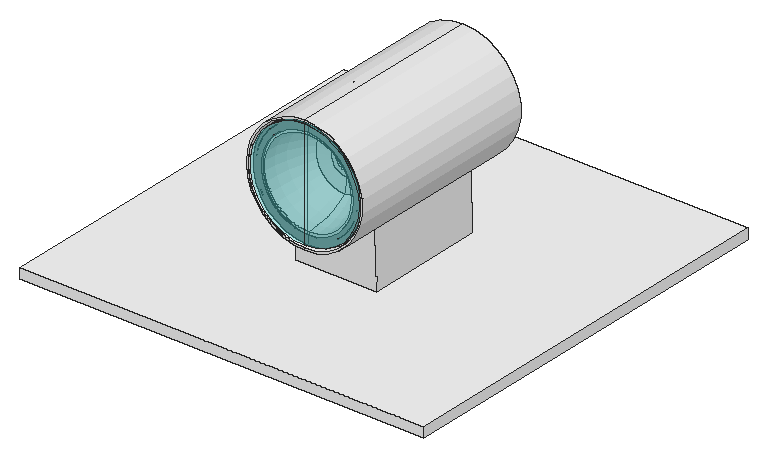
Revit family "BE_24480_de_DE", category Leuchten, Revit 2017
Family settings
  Basisbauteil = Fläche
  Bemaßung runder Anschluss = Durchmesser verwenden
  Teiletyp = Normal
  Beim Laden mit Abzugskörper schneiden = Ja
  Lichtquelle = Ja
  Gemeinsam genutzt = Nein
  Raumberechnungspunkt = Ja
Parameters (values of type "BEGA_24480_Weiß_K4")
  built-in parameter 1150104 = 17.196 (stored number, unit not read)
  Wattage = 16.8 W
  Default Elevation = 0 mm
  built-in parameter 1150113 = 1 (stored number, unit not read)
  built-in parameter 1114218 = 1 (stored number, unit not read)
  Umgebungstemperatur = "25 °C"
  URL = "https://www.bega.com/de/produkt/24480"
  Typenkommentare = "© 2021 BEGA. Wir behalten uns das Recht vor, technische Änderungen ohne vorherige Ankündigung vorzunehmen."  # constant formula
  built-in parameter 1150134 = 12
  built-in parameter 1150109 = 1 (stored number, unit not read)
  Strom = ""
  built-in parameter 1150110 = 1 (stored number, unit not read)
  Spannung = 239.996 V
  Sonderanfertigung = no
  Seriennummer [instance] = "Hier können Sie die eindeutige Seriennummer für das Facility Management eintragen."
  Schutzklasse = "I"
  Schutzart = "IP 65"
  Scheinlast = 0 VA
  Produktdatenblatt = "http://www.bega.de/download/Xrfa/db/24480.db.de.pdf"
  Oberflächentemperatur = ""
  Neigungswinkel = 0.00°
  Modell = "24480WK4"
  Material_17 = BEGA_Reflektor
  Material_15 = BEGA_Leuchtmedium_matt
  Material_11 = BEGA_Glas_opal
  Material_09 = BEGA_Glas_klar
  Material_06 = BEGA_Oberfläche_Edelstahl_gebürstet
  Material_04 = BEGA_Kunststoff_Grafit_matt
  Material_03 = BEGA_Oberfläche_Weiss_matt
  Material_02 = BEGA_Oberfläche_Silber_matt
  Material_01 [instance] = BEGA_Oberfläche_Grafit_matt
  M_W = yes
  M_G = no
  M_A = no
  Logo = 0
  built-in parameter 1114217 = 1 (stored number, unit not read)
  built-in parameter 1150139 = (empty or 0)
  built-in parameter 1150105 = 247.46 (stored number, unit not read)
  built-in parameter 1150114 = 1 (stored number, unit not read)
  Lumens = 3109.68 lm
  built-in parameter 1150115 = 1 (stored number, unit not read)
  Leuchtenlichtstrom = "2196 lm"
  Leuchtenanzahl = ""
  Lebensdauerkriterien = "L70B50 @ 25 °C = 200000 h"
  Lastklassifizierung = Beleuchtung
  built-in parameter 1150112 = 1 (stored number, unit not read)
  Lampenlichtstrom = "3110 lm"
  Lampe = "LED 16.8 W"
  LED_Modulbezeichnung = "2x LED-1145/840"
  built-in parameter 1150142 = (empty or 0)
  Hersteller = "BEGA"  # constant formula
  Halbstreuwinkel = ""
  Gewicht = "2.3 kg"
  Gebrauchslageneinschränkung [instance] = ""
  Frequenz = "0/50-60 Hz"
  Farbwiedergabeindex = "CRI > 80"
  Farbtemperaturverschiebung bei Dämpfen der Lampe = <Keine Auswahl>
  Farbtemperatur = "4000 K"
  Color Filter = 16777215
  built-in parameter 1150133 = 10 (stored number, unit not read)
  Energieeffizienzklasse = "LED A++ - A"
  built-in parameter 1150137 = (empty or 0)
  built-in parameter 1150132 = (empty or 0)
  ENEC = ""
  Dimmbar [instance] = ""
  Datei für fotometrisches Netz = "BE_24480K4.IES"
  CE_Konformität = "ja"
  Bestellnummer = "24480WK4"
  Beschreibung_Sonderanfertigung = "Hier können Sie Informationen zur Sonderanfertigung eintragen."
  Beschreibung = "Wandleuchte"
  built-in parameter 1150106 = 2.4746 (stored number, unit not read)
  Befestigungsbohrung = "Ø 4,4 mm"
  Befestigungsabstand = "60 x 95 mm"
  Ballwurfsicher = ""
  BEGA_Intern_aus = yes
  BEGA_Intern_an = yes
  BEGA_Intern_Konstruktion = yes
  BEGA_Intern = yes
  BEGA_IES = yes
  BEGA_Dummy = no
  Anschlussleitung = ""
  Anschlussleistung [instance] = "19 W"
  Anschlusskasten = ""
  built-in parameter 1150107 = 4000 (stored number, unit not read)
  built-in parameter 1150102 = (empty or 0)
  built-in parameter 1150138 = (empty or 0)
  Aktualisierung = "2021-06-21T04:00:09"
  Abstand_zur_angestrahlten_Fläche [instance] = ""
  AC/DC = "AC/DC"
Types (6, lengths in mm): name | built-in parameter 1150104 | built-in parameter 1150134 | Modell | M_W | M_G | M_A | built-in parameter 1150105 | Lumens | Leuchtenlichtstrom | Lampenlichtstrom | LED_Modulbezeichnung | Farbtemperatur | Datei für fotometrisches Netz | Bestellnummer | built-in parameter 1150106 | built-in parameter 1150107
  BEGA_24480_Grafit_K4 | 17.196 (stored number, unit not read) | 12 | "24480K4" | no | yes | no | 247.46 (stored number, unit not read) | 3109.68 lm | "2196 lm" | "3110 lm" | "2x LED-1145/840" | "4000 K" | "BE_24480K4.IES" | "24480K4" | 2.4746 (stored number, unit not read) | 4000 (stored number, unit not read)
  BEGA_24480_Weiß_K3 | 16.37 (stored number, unit not read) | (empty or 0) | "24480WK3" | yes | no | no | 235.56 (stored number, unit not read) | 2960.16 lm | "2090 lm" | "2960 lm" | "2x LED-1145/830" | "3000 K" | "BE_24480K3.IES" | "24480WK3" | 2.3556 (stored number, unit not read) | 3000 (stored number, unit not read)
  BEGA_24480_Weiß_K4 | 17.196 (stored number, unit not read) | 12 | "24480WK4" | yes | no | no | 247.46 (stored number, unit not read) | 3109.68 lm | "2196 lm" | "3110 lm" | "2x LED-1145/840" | "4000 K" | "BE_24480K4.IES" | "24480WK4" | 2.4746 (stored number, unit not read) | 4000 (stored number, unit not read)
  BEGA_24480_Silber_K3 | 16.37 (stored number, unit not read) | (empty or 0) | "24480AK3" | no | no | yes | 235.56 (stored number, unit not read) | 2960.16 lm | "2090 lm" | "2960 lm" | "2x LED-1145/830" | "3000 K" | "BE_24480K3.IES" | "24480AK3" | 2.3556 (stored number, unit not read) | 3000 (stored number, unit not read)
  BEGA_24480_Silber_K4 | 17.196 (stored number, unit not read) | 12 | "24480AK4" | no | no | yes | 247.46 (stored number, unit not read) | 3109.68 lm | "2196 lm" | "3110 lm" | "2x LED-1145/840" | "4000 K" | "BE_24480K4.IES" | "24480AK4" | 2.4746 (stored number, unit not read) | 4000 (stored number, unit not read)
  BEGA_24480_Grafit_K3 | 16.37 (stored number, unit not read) | (empty or 0) | "24480K3" | no | yes | no | 235.56 (stored number, unit not read) | 2960.16 lm | "2090 lm" | "2960 lm" | "2x LED-1145/830" | "3000 K" | "BE_24480K3.IES" | "24480K3" | 2.3556 (stored number, unit not read) | 3000 (stored number, unit not read)
Reference planes
  plane 1 "Mitte (Vorne/Hinten)": y = 0
  plane 2: z = 0
  plane 3 "Mitte (Links/Rechts)": x = 0
  plane 4 "Links": x = -57.492
  plane 5 "Rechts": x = 57.492
  plane 6 "Unten": y = -97.7
  plane 7 "Oben": y = 97.7
  plane 8 "Vorne": z = 156.092
  plane 9 "Hinten": z = 0
Forms (mm)
  Extrusion 1, solid, material "BEGA_Platte_Weiss"
    sketch origin (0, -1119.2, 0) x (1, 0, 0) y (0, 1, 0)
      loop
        line (-200, 1319.2) -> (-200, 919.2) -> (200, 919.2) -> (200, 1319.2) -> (-200, 1319.2)
    from 0 to -10
  Extrusion 2, solid, material "BEGA_Dummy_matt", visible <- "BEGA_Dummy"
    sketch origin (80.095, -76.023, 0) x (1, 0, 0) y (0, 1, 0)
      loop
        line (-137.588, 173.723) -> (-137.588, -21.677) -> (-22.603, -21.677) -> (-22.603, 173.723) -> (-137.588, 173.723)
    from 0 to 156.092
Dimensions and locks
  plane 1 "Mitte (Vorne/Hinten)" to Extrusion 1 = 200 mm
  aligned and locked: Extrusion 1 to plane 2
  aligned and locked: Extrusion 1 to level
Nested families
  nested 1: "BE_24480" at (0, 0, 0), type "BE_24480"
Connectors
  electrical at (0, 0, 0), driven by "Lastklassifizierung", driven by "Spannung", driven by "Scheinlast"
    settings: index 1, voltage 239.996 V, apparent load 0 VA, apparent load phase1 0 VA, apparent load phase2 0 VA, apparent load phase3 0 VA, power factor 1, load classification "Beleuchtung", number of poles 1, system type 31, power factor state 1, is connector primary yes, connector utility no, sub classification motor no, connector description ""
Definition of nested family "BE_24480"
  Parameters (values of type "BE_24480")
    Default Elevation = 1 mm
    URL = "http://www.bega.de/de/produkt"
    Type Comments = "© 2015 BEGA. Wir behalten uns das Recht vor, technische Änderungen ohne vorherige Ankündigung vorzunehmen. "  # constant formula
    Type Image = (empty or 0)
    Material_17 = none
    Material_15 = none
    Material_09 = none
    Material_04 = none
    Material_03 = none
    Material_02 = none
    Material_01 = none
    M_W = yes
    M_G = yes
    M_A = yes
    Länge_Platte = 200 mm  # constant formula
    Höhe_Platte = -10 mm  # constant formula
    Manufacturer = "BEGA"  # constant formula
    Breite_Platte = 200 mm  # constant formula
    Befestigungsabstand = ""
  Reference planes
    plane 1 "Mitte (Oben/Unten)": y = 0
    plane 2: z = 0
    plane 3 "Mitte (Links/Rechts)": x = 0
    plane 4: x = 57.492
    plane 5: y = -97.7
    plane 6: y = 97.7
    plane 7: x = -57.492
    plane 8: z = 156.092
  Forms (mm)
    Extrusion 1, solid, detail levels medium
      sketch origin (0, 0, 0) x (1, 0, 0) y (0, 1, 0)
        loop
          line (-100, 100) -> (-100, -100) -> (100, -100) -> (100, 100) -> (-100, 100)
      from 0 to -10 <- "Höhe_Platte"
    Revolve 2, solid, material <- "Material_01", visible <- "M_G"
      sketch origin (0, 0, 0) x (0, -1, 0) y (0, 0, 1)
        loop
          line (-97.5, 156.1) -> (-97.5, 154.482) -> (-93.6, 153.062) -> (-93.6, 150.093) -> (0, 146.824) -> (93.6, 150.093) -> (93.6, 153.062) -> (97.5, 154.482) -> (97.5, 156.1) -> (-97.5, 156.1)
        axis (97.5, 98.6) -> (-97.5, 98.6)
      angle from 0 to 360
    Extrusion 3, solid, material <- "Material_01", visible <- "M_G"
      sketch origin (0, 0, 0) x (1, 0, 0) y (0, 0, 1)
        loop
          line (-40, 1.3) -> (-36.849, 1.3) -> (-36.883, 0) -> (36.883, 0) -> (36.849, 1.3) -> (40, 1.3) -> (38.569, 55.954)
          arc (38.569, 55.954) -> (0, 41.1) -> (-38.569, 55.954) r 57.5
          line (-38.569, 55.954) -> (-40, 1.3)
      from -59 to 59
    Revolve 4, solid, material <- "Material_09"
      sketch origin (0, 0, 0) x (0, 1, 0) y (0, 0, 1)
        loop
          line (93.7, 152.6) -> (93.7, 98.6) -> (97.7, 98.6) -> (97.7, 152.6) -> (93.7, 152.6)
        axis (97.7, 98.6) -> (93.7, 98.6)
      angle from 0 to 360
    Revolve 5, solid, material <- "Material_09"
      sketch origin (0, 0, 0) x (0, -1, 0) y (0, 0, 1)
        loop
          line (93.7, 152.6) -> (93.7, 98.6) -> (97.7, 98.6) -> (97.7, 152.6) -> (93.7, 152.6)
        axis (97.7, 98.6) -> (93.7, 98.6)
      angle from 0 to 360
    Revolve 6, solid, material <- "Material_17"
      sketch origin (0, 0, 0) x (0, 1, 0) y (0, 0, 1)
        loop
          line (93.3, 141.606) -> (93.3, 147.558) -> (92.1, 147.6) -> (92.1, 143.105)
          arc (92.1, 143.105) -> (68.562, 139.365) -> (47.619, 127.99) r 70.449
          line (47.619, 127.99) -> (45.1, 113.705) -> (45.1, 108.6) -> (46.305, 108.642) -> (46.305, 113.626) -> (48.728, 127.369)
          arc (48.728, 127.369) -> (69.719, 138.542) -> (93.3, 141.606) r 66.421
        axis (93.3, 98.6) -> (45.1, 98.6)
      angle from 0 to 360
    Revolve 7, solid, material <- "Material_17"
      sketch origin (0, 0, 0) x (0, -1, 0) y (0, 0, 1)
        loop
          line (93.3, 141.606) -> (93.3, 147.558) -> (92.1, 147.6) -> (92.1, 143.105)
          arc (92.1, 143.105) -> (68.562, 139.365) -> (47.619, 127.99) r 70.449
          line (47.619, 127.99) -> (45.1, 113.705) -> (45.1, 108.6) -> (46.305, 108.642) -> (46.305, 113.626) -> (48.728, 127.369)
          arc (48.728, 127.369) -> (69.719, 138.542) -> (93.3, 141.606) r 66.421
        axis (93.3, 98.6) -> (45.1, 98.6)
      angle from 0 to 360
    Revolve 8, solid, material <- "Material_04"
      sketch origin (0, 0, 0) x (0, 1, 0) y (0, 0, 1)
        loop
          line (93.3, 144.1) -> (94.133, 144.1) -> (94.133, 152.6) -> (93.3, 152.6) -> (93.3, 144.1)
        loop
          line (-93.3, 144.1) -> (-93.3, 152.6) -> (-94.133, 152.6) -> (-94.133, 144.1) -> (-93.3, 144.1)
        axis (94.133, 98.6) -> (-94.133, 98.6)
      angle from 0 to 360
    Revolve 9, solid, material <- "Material_15"
      sketch origin (0, 0, 0) x (0, 1, 0) y (0, 0, 1)
        loop
          line (42, 113.5) -> (42, 98.6) -> (43.55, 98.6) -> (43.55, 113.5) -> (42, 113.5)
        axis (43.55, 98.6) -> (42, 98.6)
      angle from 0 to 360
    Revolve 10, solid, material <- "Material_15"
      sketch origin (0, 0, 0) x (0, -1, 0) y (0, 0, 1)
        loop
          line (42, 113.5) -> (42, 98.6) -> (43.55, 98.6) -> (43.55, 113.5) -> (42, 113.5)
        axis (43.55, 98.6) -> (42, 98.6)
      angle from 0 to 360
    Revolve 11, solid, material <- "Material_02", visible <- "M_A"
      sketch origin (0, 0, 0) x (0, -1, 0) y (0, 0, 1)
        loop
          line (-97.5, 156.1) -> (-97.5, 154.482) -> (-93.6, 153.062) -> (-93.6, 150.093) -> (0, 146.824) -> (93.6, 150.093) -> (93.6, 153.062) -> (97.5, 154.482) -> (97.5, 156.1) -> (-97.5, 156.1)
        axis (97.5, 98.6) -> (-97.5, 98.6)
      angle from 0 to 360
    Revolve 12, solid, material <- "Material_03", visible <- "M_W"
      sketch origin (0, 0, 0) x (0, -1, 0) y (0, 0, 1)
        loop
          line (-97.5, 156.1) -> (-97.5, 154.482) -> (-93.6, 153.062) -> (-93.6, 150.093) -> (0, 146.824) -> (93.6, 150.093) -> (93.6, 153.062) -> (97.5, 154.482) -> (97.5, 156.1) -> (-97.5, 156.1)
        axis (97.5, 98.6) -> (-97.5, 98.6)
      angle from 0 to 360
    Extrusion 13, solid, material <- "Material_02", visible <- "M_A"
      sketch origin (0, 0, 0) x (1, 0, 0) y (0, 0, 1)
        loop
          line (-40, 1.3) -> (-36.849, 1.3) -> (-36.883, 0) -> (36.883, 0) -> (36.849, 1.3) -> (40, 1.3) -> (38.569, 55.954)
          arc (38.569, 55.954) -> (0, 41.1) -> (-38.569, 55.954) r 57.5
          line (-38.569, 55.954) -> (-40, 1.3)
      from -59 to 59
    Extrusion 14, solid, material <- "Material_03", visible <- "M_W"
      sketch origin (0, 0, 0) x (1, 0, 0) y (0, 0, 1)
        loop
          line (-40, 1.3) -> (-36.849, 1.3) -> (-36.883, 0) -> (36.883, 0) -> (36.849, 1.3) -> (40, 1.3) -> (38.569, 55.954)
          arc (38.569, 55.954) -> (0, 41.1) -> (-38.569, 55.954) r 57.5
          line (-38.569, 55.954) -> (-40, 1.3)
      from -59 to 59
    Extrusion 15, void
      sketch origin (0, 0, 0) x (1, 0, 0) y (0, 1, 0)
        loop
          circle (-17.5, -22.5) r 5.096
        loop
          circle (17.5, -22.5) r 5.096
        loop
          line (-33.215, 49.478) -> (-33.215, 45.478)
          arc (-33.215, 45.478) -> (-30.989, 43.285) -> (-28.785, 45.5) r 2.215
          line (-28.785, 45.5) -> (-28.784, 49.5)
          arc (-28.784, 49.5) -> (-31.011, 51.715) -> (-33.215, 49.478) r 2.215
        loop
          arc (26.988, -45.285) -> (24.785, -47.506) -> (27, -49.715) r 2.215
          line (27, -49.715) -> (31, -49.715)
          arc (31, -49.715) -> (33.215, -47.494) -> (30.988, -45.285) r 2.215
          line (30.988, -45.285) -> (26.988, -45.285)
      from 0 to 13.138
    Extrusion 16, void
      sketch origin (0, 0, 0) x (0, 1, 0) y (0, 0, 1)
        loop
          line (59, 1.3) -> (56, 1.3) -> (56, 0) -> (59, 0) -> (59, 1.3)
        loop
          line (-59, 1.3) -> (-59, 0) -> (-56, 0) -> (-56, 1.3) -> (-59, 1.3)
      from -55.842 to 50.397
  Cuts and joins
    Extrusion 15 cuts Revolve 2
    Extrusion 15, Extrusion 16 cuts Extrusion 3
    Extrusion 15 cuts Revolve 11
    Extrusion 15 cuts Revolve 12
    Extrusion 15, Extrusion 16 cuts Extrusion 13
    Extrusion 15, Extrusion 16 cuts Extrusion 14
  Dimensions and locks
    equal spacing: Extrusion 1 sketch curve, plane 3 "Mitte (Links/Rechts)", Extrusion 1 sketch curve
    equal spacing: Extrusion 1 sketch curve, plane 1 "Mitte (Oben/Unten)", Extrusion 1 sketch curve
    "Länge_Platte": Extrusion 1 sketch curve to Extrusion 1 sketch curve
    "Breite_Platte": Extrusion 1 sketch curve to Extrusion 1 sketch curve
    aligned and locked: Extrusion 1 to plane 2
    aligned and locked: level to Extrusion 1
  Automatic sketch dimensions
    Revolve 2 sketch curve to plane 1 "Mitte (Oben/Unten)" = 0 mm
    Revolve 2 sketch curve to plane 1 "Mitte (Oben/Unten)" = 93.6 mm
    Revolve 2 sketch curve to Revolve 2 sketch curve = 3.9 mm  (x2)
    plane 1 "Mitte (Oben/Unten)" to Revolve 2 sketch curve = 93.6 mm
    level to Revolve 2 sketch curve = 146.824 mm
    Revolve 2 sketch curve to Revolve 2 sketch curve = 3.269 mm  (x2)
    Revolve 2 sketch curve to Revolve 2 sketch curve = 2.969 mm  (x2)
    Revolve 2 sketch curve to Revolve 2 sketch curve = 1.419 mm  (x2)
    Revolve 2 sketch curve to Revolve 2 sketch curve = 1.618 mm
    plane 1 "Mitte (Oben/Unten)" to Revolve 2 sketch curve = 43.1 mm
    Revolve 2 sketch curve to Revolve 2 sketch curve = 1.7 mm
    Revolve 2 sketch curve to Revolve 2 sketch curve = 48.224 mm
    Extrusion 3 sketch curve to level = 0 mm
    level to Extrusion 3 sketch curve = 1.3 mm  (x2)
    level to Extrusion 3 sketch curve = 55.954 mm  (x2)
    Extrusion 3 sketch curve to Extrusion 3 sketch curve = 1.431 mm
    Extrusion 3 sketch curve to Extrusion 3 sketch curve = 3.117 mm
    Extrusion 3 sketch curve to Extrusion 3 sketch curve = 0.034 mm  (x2)
    Extrusion 3 sketch curve to Extrusion 3 sketch curve = 38.569 mm
    Extrusion 3 sketch curve to Extrusion 3 sketch curve = 73.698 mm
    Extrusion 3 sketch curve to Extrusion 3 sketch curve = 3.151 mm
    Extrusion 3 sketch curve to Extrusion 3 sketch curve = 42.646 mm
    Revolve 4 sketch curve to plane 1 "Mitte (Oben/Unten)" = 93.7 mm
    Revolve 4 sketch curve to Revolve 4 sketch curve = 4 mm
    level to Revolve 4 sketch curve = 98.6 mm
    Revolve 4 sketch curve to Revolve 4 sketch curve = 54 mm
    Revolve 4 sketch curve to plane 1 "Mitte (Oben/Unten)" = 43.1 mm
    Revolve 4 sketch curve to Revolve 4 sketch curve = 1.6 mm
    Revolve 4 sketch curve to Revolve 4 sketch curve = 0 mm
    Revolve 5 sketch curve to plane 1 "Mitte (Oben/Unten)" = 93.7 mm
    Revolve 5 sketch curve to Revolve 5 sketch curve = 4 mm
    Revolve 5 sketch curve to level = 98.6 mm
    Revolve 5 sketch curve to Revolve 5 sketch curve = 54 mm
    Revolve 5 sketch curve to plane 1 "Mitte (Oben/Unten)" = 43.1 mm
    Revolve 5 sketch curve to Revolve 5 sketch curve = 1.6 mm
    Revolve 5 sketch curve to Revolve 5 sketch curve = 0 mm
    Revolve 6 sketch curve to plane 1 "Mitte (Oben/Unten)" = 45.1 mm
    Revolve 6 sketch curve to Revolve 6 sketch curve = 1.205 mm
    Revolve 6 sketch curve to Revolve 6 sketch curve = 1.314 mm
    Revolve 6 sketch curve to Revolve 6 sketch curve = 1.109 mm
    Revolve 6 sketch curve to Revolve 6 sketch curve = 43.625 mm
    Revolve 6 sketch curve to Revolve 6 sketch curve = 1.299 mm
    Revolve 6 sketch curve to Revolve 6 sketch curve = 43.372 mm
    Revolve 6 sketch curve to Revolve 6 sketch curve = 1.2 mm
    level to Revolve 6 sketch curve = 72.662 mm
    Revolve 6 sketch curve to Revolve 6 sketch curve = 2.609 mm
    Revolve 6 sketch curve to Revolve 6 sketch curve = 33.329 mm
    Revolve 6 sketch curve to Revolve 6 sketch curve = 0.042 mm  (x2)
    Revolve 6 sketch curve to Revolve 6 sketch curve = 4.984 mm
    Revolve 6 sketch curve to Revolve 6 sketch curve = 0.079 mm
    Revolve 6 sketch curve to Revolve 6 sketch curve = 13.743 mm
    Revolve 6 sketch curve to Revolve 6 sketch curve = 0.621 mm
    Revolve 6 sketch curve to Revolve 6 sketch curve = 4.453 mm
    Revolve 6 sketch curve to Revolve 6 sketch curve = 2 mm
    Revolve 6 sketch curve to Revolve 6 sketch curve = 5.37 mm
    Revolve 6 sketch curve to Revolve 6 sketch curve = 23.329 mm
    Revolve 7 sketch curve to plane 1 "Mitte (Oben/Unten)" = 45.1 mm
    Revolve 7 sketch curve to Revolve 7 sketch curve = 1.205 mm
    Revolve 7 sketch curve to Revolve 7 sketch curve = 1.314 mm
    Revolve 7 sketch curve to Revolve 7 sketch curve = 1.109 mm
    Revolve 7 sketch curve to Revolve 7 sketch curve = 43.625 mm
    Revolve 7 sketch curve to Revolve 7 sketch curve = 1.299 mm
    Revolve 7 sketch curve to Revolve 7 sketch curve = 43.372 mm
    Revolve 7 sketch curve to Revolve 7 sketch curve = 1.2 mm
    Revolve 7 sketch curve to level = 72.662 mm
    Revolve 7 sketch curve to Revolve 7 sketch curve = 2.609 mm
    Revolve 7 sketch curve to Revolve 7 sketch curve = 33.329 mm
    Revolve 7 sketch curve to Revolve 7 sketch curve = 0.042 mm  (x2)
    Revolve 7 sketch curve to Revolve 7 sketch curve = 4.984 mm
    Revolve 7 sketch curve to Revolve 7 sketch curve = 0.079 mm
    Revolve 7 sketch curve to Revolve 7 sketch curve = 13.743 mm
    Revolve 7 sketch curve to Revolve 7 sketch curve = 0.621 mm
    Revolve 7 sketch curve to Revolve 7 sketch curve = 4.453 mm
    Revolve 7 sketch curve to Revolve 7 sketch curve = 2 mm
    Revolve 7 sketch curve to Revolve 7 sketch curve = 5.37 mm
    Revolve 7 sketch curve to Revolve 7 sketch curve = 23.329 mm
    plane 1 "Mitte (Oben/Unten)" to Revolve 8 sketch curve = 94.133 mm
    Revolve 8 sketch curve to Revolve 8 sketch curve = 0.833 mm  (x2)
    Revolve 8 sketch curve to plane 1 "Mitte (Oben/Unten)" = 93.3 mm
    level to Revolve 8 sketch curve = 144.1 mm  (x2)
    Revolve 8 sketch curve to Revolve 8 sketch curve = 8.5 mm  (x2)
    Revolve 8 sketch curve to plane 1 "Mitte (Oben/Unten)" = 43.1 mm
    Revolve 8 sketch curve to Revolve 8 sketch curve = 1.167 mm
    Revolve 8 sketch curve to Revolve 8 sketch curve = 45.5 mm
    Revolve 9 sketch curve to plane 1 "Mitte (Oben/Unten)" = 42 mm
    Revolve 9 sketch curve to Revolve 9 sketch curve = 1.55 mm
    level to Revolve 9 sketch curve = 98.6 mm
    Revolve 9 sketch curve to Revolve 9 sketch curve = 14.9 mm
    Revolve 9 sketch curve to Revolve 9 sketch curve = 0.45 mm
    Revolve 9 sketch curve to Revolve 9 sketch curve = 51.75 mm
    Revolve 9 sketch curve to Revolve 9 sketch curve = 0 mm
    Revolve 10 sketch curve to plane 1 "Mitte (Oben/Unten)" = 42 mm
    Revolve 10 sketch curve to Revolve 10 sketch curve = 1.55 mm
    Revolve 10 sketch curve to level = 98.6 mm
    Revolve 10 sketch curve to Revolve 10 sketch curve = 14.9 mm
    Revolve 10 sketch curve to Revolve 10 sketch curve = 0.45 mm
    Revolve 10 sketch curve to Revolve 10 sketch curve = 51.75 mm
    Revolve 10 sketch curve to Revolve 10 sketch curve = 0 mm
    Revolve 11 sketch curve to plane 1 "Mitte (Oben/Unten)" = 0 mm
    Revolve 11 sketch curve to plane 1 "Mitte (Oben/Unten)" = 93.6 mm
    Revolve 11 sketch curve to Revolve 11 sketch curve = 3.9 mm  (x2)
    plane 1 "Mitte (Oben/Unten)" to Revolve 11 sketch curve = 93.6 mm
    level to Revolve 11 sketch curve = 146.824 mm
    Revolve 11 sketch curve to Revolve 11 sketch curve = 3.269 mm  (x2)
    Revolve 11 sketch curve to Revolve 11 sketch curve = 2.969 mm  (x2)
    Revolve 11 sketch curve to Revolve 11 sketch curve = 1.419 mm  (x2)
    Revolve 11 sketch curve to Revolve 11 sketch curve = 1.618 mm
    plane 1 "Mitte (Oben/Unten)" to Revolve 11 sketch curve = 43.1 mm
    Revolve 11 sketch curve to Revolve 11 sketch curve = 1.7 mm
    Revolve 11 sketch curve to Revolve 11 sketch curve = 48.224 mm
    Revolve 12 sketch curve to plane 1 "Mitte (Oben/Unten)" = 0 mm
    Revolve 12 sketch curve to plane 1 "Mitte (Oben/Unten)" = 93.6 mm
    Revolve 12 sketch curve to Revolve 12 sketch curve = 3.9 mm  (x2)
    plane 1 "Mitte (Oben/Unten)" to Revolve 12 sketch curve = 93.6 mm
    level to Revolve 12 sketch curve = 146.824 mm
    Revolve 12 sketch curve to Revolve 12 sketch curve = 3.269 mm  (x2)
    Revolve 12 sketch curve to Revolve 12 sketch curve = 2.969 mm  (x2)
    Revolve 12 sketch curve to Revolve 12 sketch curve = 1.419 mm  (x2)
    Revolve 12 sketch curve to Revolve 12 sketch curve = 1.618 mm
    plane 1 "Mitte (Oben/Unten)" to Revolve 12 sketch curve = 43.1 mm
    Revolve 12 sketch curve to Revolve 12 sketch curve = 1.7 mm
    Revolve 12 sketch curve to Revolve 12 sketch curve = 48.224 mm
    Extrusion 13 sketch curve to level = 0 mm
    level to Extrusion 13 sketch curve = 1.3 mm  (x2)
    level to Extrusion 13 sketch curve = 55.954 mm  (x2)
    Extrusion 13 sketch curve to Extrusion 13 sketch curve = 1.431 mm
    Extrusion 13 sketch curve to Extrusion 13 sketch curve = 3.117 mm
    Extrusion 13 sketch curve to Extrusion 13 sketch curve = 0.034 mm  (x2)
    Extrusion 13 sketch curve to Extrusion 13 sketch curve = 38.569 mm
    Extrusion 13 sketch curve to Extrusion 13 sketch curve = 73.698 mm
    Extrusion 13 sketch curve to Extrusion 13 sketch curve = 3.151 mm
    Extrusion 13 sketch curve to Extrusion 13 sketch curve = 42.646 mm
    Extrusion 14 sketch curve to level = 0 mm
    level to Extrusion 14 sketch curve = 1.3 mm  (x2)
    level to Extrusion 14 sketch curve = 55.954 mm  (x2)
    Extrusion 14 sketch curve to Extrusion 14 sketch curve = 1.431 mm
    Extrusion 14 sketch curve to Extrusion 14 sketch curve = 3.117 mm
    Extrusion 14 sketch curve to Extrusion 14 sketch curve = 0.034 mm  (x2)
    Extrusion 14 sketch curve to Extrusion 14 sketch curve = 38.569 mm
    Extrusion 14 sketch curve to Extrusion 14 sketch curve = 73.698 mm
    Extrusion 14 sketch curve to Extrusion 14 sketch curve = 3.151 mm
    Extrusion 14 sketch curve to Extrusion 14 sketch curve = 42.646 mm
    Extrusion 15 sketch curve to plane 3 "Mitte (Links/Rechts)" = 17.5 mm
    plane 3 "Mitte (Links/Rechts)" to Extrusion 15 sketch curve = 17.5 mm
    plane 1 "Mitte (Oben/Unten)" to Extrusion 15 sketch curve = 22.5 mm  (x2)
    Extrusion 15 sketch curve to plane 3 "Mitte (Links/Rechts)" = 31 mm
    Extrusion 15 sketch curve to Extrusion 15 sketch curve = 2.215 mm  (x4)
    Extrusion 15 sketch curve to plane 1 "Mitte (Oben/Unten)" = 49.5 mm
    Extrusion 15 sketch curve to Extrusion 15 sketch curve = 0.022 mm  (x2)
    Extrusion 15 sketch curve to Extrusion 15 sketch curve = 4 mm  (x2)
    Extrusion 15 sketch curve to Extrusion 15 sketch curve = 0 mm  (x8)
    Extrusion 15 sketch curve to Extrusion 15 sketch curve = 13.5 mm
    Extrusion 15 sketch curve to Extrusion 15 sketch curve = 0.012 mm  (x2)
    Extrusion 15 sketch curve to Extrusion 15 sketch curve = 22.785 mm
    Extrusion 16 sketch curve to level = 0 mm  (x2)
    level to Extrusion 16 sketch curve = 1.3 mm  (x2)
    plane 5 to Extrusion 16 sketch curve = 38.7 mm
    Extrusion 16 sketch curve to Extrusion 16 sketch curve = 3 mm  (x2)
    Extrusion 16 sketch curve to plane 6 = 41.7 mm
    radius of Extrusion 15 sketch curve = 5.096 mm  (x2)
